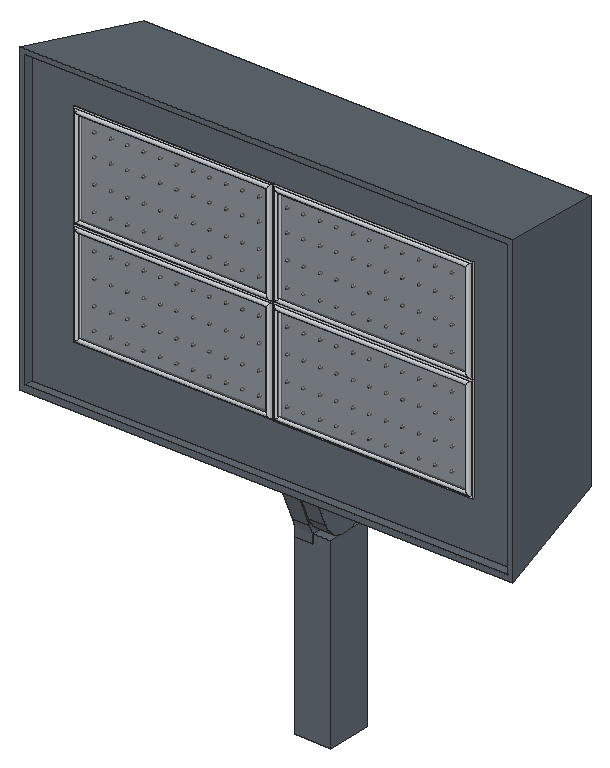
Revit family "RFL4", category Lighting Fixtures, host Face, Revit 2014 (continued)
Definition of nested family "RFL"
  Forms (in)
    Revolve 107, solid, material "Glass - Hubbell - White" <- "LED_Finish"
      sketch origin (-0.38354, 1.25709, 2.65428) x (0, -1, 0) y (1, 0, 0)
        loop
          line (2.73985, -4.15296) -> (2.82075, -4.15296)
          arc (2.82075, -4.15296) -> (2.81024, -4.12758) -> (2.78486, -4.11707) r 0.03589
          line (2.78486, -4.11707) -> (2.73985, -4.11707) -> (2.73985, -4.15296)
        axis (2.73985, -4.15296) -> (2.82075, -4.15296)
      angle from 0 to 360
    Revolve 108, solid, material "Glass - Hubbell - White" <- "LED_Finish"
      sketch origin (-0.38354, 1.25709, 3.34178) x (0, -1, 0) y (1, 0, 0)
        loop
          line (2.73985, -4.15296) -> (2.82075, -4.15296)
          arc (2.82075, -4.15296) -> (2.81024, -4.12758) -> (2.78486, -4.11707) r 0.03589
          line (2.78486, -4.11707) -> (2.73985, -4.11707) -> (2.73985, -4.15296)
        axis (2.73985, -4.15296) -> (2.82075, -4.15296)
      angle from 0 to 360
    Revolve 109, solid, material "Glass - Hubbell - White" <- "LED_Finish"
      sketch origin (-0.38354, 1.25709, 4.02928) x (0, -1, 0) y (1, 0, 0)
        loop
          line (2.73985, -4.15296) -> (2.82075, -4.15296)
          arc (2.82075, -4.15296) -> (2.81024, -4.12758) -> (2.78486, -4.11707) r 0.03589
          line (2.78486, -4.11707) -> (2.73985, -4.11707) -> (2.73985, -4.15296)
        axis (2.73985, -4.15296) -> (2.82075, -4.15296)
      angle from 0 to 360
    Revolve 110, solid, material "Glass - Hubbell - White" <- "LED_Finish"
      sketch origin (0.07668, 1.25709, 2.02928) x (0, -1, 0) y (1, 0, 0)
        loop
          line (2.73985, -4.15296) -> (2.82075, -4.15296)
          arc (2.82075, -4.15296) -> (2.81024, -4.12758) -> (2.78486, -4.11707) r 0.03589
          line (2.78486, -4.11707) -> (2.73985, -4.11707) -> (2.73985, -4.15296)
        axis (2.73985, -4.15296) -> (2.82075, -4.15296)
      angle from 0 to 360
    Revolve 111, solid, material "Glass - Hubbell - White" <- "LED_Finish"
      sketch origin (0.07668, 1.25709, 2.65428) x (0, -1, 0) y (1, 0, 0)
        loop
          line (2.73985, -4.15296) -> (2.82075, -4.15296)
          arc (2.82075, -4.15296) -> (2.81024, -4.12758) -> (2.78486, -4.11707) r 0.03589
          line (2.78486, -4.11707) -> (2.73985, -4.11707) -> (2.73985, -4.15296)
        axis (2.73985, -4.15296) -> (2.82075, -4.15296)
      angle from 0 to 360
    Revolve 112, solid, material "Glass - Hubbell - White" <- "LED_Finish"
      sketch origin (0.07668, 1.25709, 3.34178) x (0, -1, 0) y (1, 0, 0)
        loop
          line (2.73985, -4.15296) -> (2.82075, -4.15296)
          arc (2.82075, -4.15296) -> (2.81024, -4.12758) -> (2.78486, -4.11707) r 0.03589
          line (2.78486, -4.11707) -> (2.73985, -4.11707) -> (2.73985, -4.15296)
        axis (2.73985, -4.15296) -> (2.82075, -4.15296)
      angle from 0 to 360
    Revolve 113, solid, material "Glass - Hubbell - White" <- "LED_Finish"
      sketch origin (0.07668, 1.25709, 4.02928) x (0, -1, 0) y (1, 0, 0)
        loop
          line (2.73985, -4.15296) -> (2.82075, -4.15296)
          arc (2.82075, -4.15296) -> (2.81024, -4.12758) -> (2.78486, -4.11707) r 0.03589
          line (2.78486, -4.11707) -> (2.73985, -4.11707) -> (2.73985, -4.15296)
        axis (2.73985, -4.15296) -> (2.82075, -4.15296)
      angle from 0 to 360
    Revolve 114, solid, material "Glass - Hubbell - White" <- "LED_Finish"
      sketch origin (0.53689, 1.25709, 2.02928) x (0, -1, 0) y (1, 0, 0)
        loop
          line (2.73985, -4.15296) -> (2.82075, -4.15296)
          arc (2.82075, -4.15296) -> (2.81024, -4.12758) -> (2.78486, -4.11707) r 0.03589
          line (2.78486, -4.11707) -> (2.73985, -4.11707) -> (2.73985, -4.15296)
        axis (2.73985, -4.15296) -> (2.82075, -4.15296)
      angle from 0 to 360
    Revolve 115, solid, material "Glass - Hubbell - White" <- "LED_Finish"
      sketch origin (0.53689, 1.25709, 2.65428) x (0, -1, 0) y (1, 0, 0)
        loop
          line (2.73985, -4.15296) -> (2.82075, -4.15296)
          arc (2.82075, -4.15296) -> (2.81024, -4.12758) -> (2.78486, -4.11707) r 0.03589
          line (2.78486, -4.11707) -> (2.73985, -4.11707) -> (2.73985, -4.15296)
        axis (2.73985, -4.15296) -> (2.82075, -4.15296)
      angle from 0 to 360
    Revolve 116, solid, material "Glass - Hubbell - White" <- "LED_Finish"
      sketch origin (0.53689, 1.25709, 3.34178) x (0, -1, 0) y (1, 0, 0)
        loop
          line (2.73985, -4.15296) -> (2.82075, -4.15296)
          arc (2.82075, -4.15296) -> (2.81024, -4.12758) -> (2.78486, -4.11707) r 0.03589
          line (2.78486, -4.11707) -> (2.73985, -4.11707) -> (2.73985, -4.15296)
        axis (2.73985, -4.15296) -> (2.82075, -4.15296)
      angle from 0 to 360
    Revolve 117, solid, material "Glass - Hubbell - White" <- "LED_Finish"
      sketch origin (0.53689, 1.25709, 4.02928) x (0, -1, 0) y (1, 0, 0)
        loop
          line (2.73985, -4.15296) -> (2.82075, -4.15296)
          arc (2.82075, -4.15296) -> (2.81024, -4.12758) -> (2.78486, -4.11707) r 0.03589
          line (2.78486, -4.11707) -> (2.73985, -4.11707) -> (2.73985, -4.15296)
        axis (2.73985, -4.15296) -> (2.82075, -4.15296)
      angle from 0 to 360
    Revolve 118, solid, material "Glass - Hubbell - White" <- "LED_Finish"
      sketch origin (0.99711, 1.25709, 2.02928) x (0, -1, 0) y (1, 0, 0)
        loop
          line (2.73985, -4.15296) -> (2.82075, -4.15296)
          arc (2.82075, -4.15296) -> (2.81024, -4.12758) -> (2.78486, -4.11707) r 0.03589
          line (2.78486, -4.11707) -> (2.73985, -4.11707) -> (2.73985, -4.15296)
        axis (2.73985, -4.15296) -> (2.82075, -4.15296)
      angle from 0 to 360
    Revolve 119, solid, material "Glass - Hubbell - White" <- "LED_Finish"
      sketch origin (0.99711, 1.25709, 2.65428) x (0, -1, 0) y (1, 0, 0)
        loop
          line (2.73985, -4.15296) -> (2.82075, -4.15296)
          arc (2.82075, -4.15296) -> (2.81024, -4.12758) -> (2.78486, -4.11707) r 0.03589
          line (2.78486, -4.11707) -> (2.73985, -4.11707) -> (2.73985, -4.15296)
        axis (2.73985, -4.15296) -> (2.82075, -4.15296)
      angle from 0 to 360
    Revolve 120, solid, material "Glass - Hubbell - White" <- "LED_Finish"
      sketch origin (0.99711, 1.25709, 3.34178) x (0, -1, 0) y (1, 0, 0)
        loop
          line (2.73985, -4.15296) -> (2.82075, -4.15296)
          arc (2.82075, -4.15296) -> (2.81024, -4.12758) -> (2.78486, -4.11707) r 0.03589
          line (2.78486, -4.11707) -> (2.73985, -4.11707) -> (2.73985, -4.15296)
        axis (2.73985, -4.15296) -> (2.82075, -4.15296)
      angle from 0 to 360
    Revolve 121, solid, material "Glass - Hubbell - White" <- "LED_Finish"
      sketch origin (0.99711, 1.25709, 4.02928) x (0, -1, 0) y (1, 0, 0)
        loop
          line (2.73985, -4.15296) -> (2.82075, -4.15296)
          arc (2.82075, -4.15296) -> (2.81024, -4.12758) -> (2.78486, -4.11707) r 0.03589
          line (2.78486, -4.11707) -> (2.73985, -4.11707) -> (2.73985, -4.15296)
        axis (2.73985, -4.15296) -> (2.82075, -4.15296)
      angle from 0 to 360
    Revolve 122, solid, material "Glass - Hubbell - White" <- "LED_Finish"
      sketch origin (1.45732, 1.25709, 2.02928) x (0, -1, 0) y (1, 0, 0)
        loop
          line (2.73985, -4.15296) -> (2.82075, -4.15296)
          arc (2.82075, -4.15296) -> (2.81024, -4.12758) -> (2.78486, -4.11707) r 0.03589
          line (2.78486, -4.11707) -> (2.73985, -4.11707) -> (2.73985, -4.15296)
        axis (2.73985, -4.15296) -> (2.82075, -4.15296)
      angle from 0 to 360
    Revolve 123, solid, material "Glass - Hubbell - White" <- "LED_Finish"
      sketch origin (1.45732, 1.25709, 2.65428) x (0, -1, 0) y (1, 0, 0)
        loop
          line (2.73985, -4.15296) -> (2.82075, -4.15296)
          arc (2.82075, -4.15296) -> (2.81024, -4.12758) -> (2.78486, -4.11707) r 0.03589
          line (2.78486, -4.11707) -> (2.73985, -4.11707) -> (2.73985, -4.15296)
        axis (2.73985, -4.15296) -> (2.82075, -4.15296)
      angle from 0 to 360
    Revolve 124, solid, material "Glass - Hubbell - White" <- "LED_Finish"
      sketch origin (1.45732, 1.25709, 3.34178) x (0, -1, 0) y (1, 0, 0)
        loop
          line (2.73985, -4.15296) -> (2.82075, -4.15296)
          arc (2.82075, -4.15296) -> (2.81024, -4.12758) -> (2.78486, -4.11707) r 0.03589
          line (2.78486, -4.11707) -> (2.73985, -4.11707) -> (2.73985, -4.15296)
        axis (2.73985, -4.15296) -> (2.82075, -4.15296)
      angle from 0 to 360
    Revolve 125, solid, material "Glass - Hubbell - White" <- "LED_Finish"
      sketch origin (1.45732, 1.25709, 4.02928) x (0, -1, 0) y (1, 0, 0)
        loop
          line (2.73985, -4.15296) -> (2.82075, -4.15296)
          arc (2.82075, -4.15296) -> (2.81024, -4.12758) -> (2.78486, -4.11707) r 0.03589
          line (2.78486, -4.11707) -> (2.73985, -4.11707) -> (2.73985, -4.15296)
        axis (2.73985, -4.15296) -> (2.82075, -4.15296)
      angle from 0 to 360
    Revolve 126, solid, material "Glass - Hubbell - White" <- "LED_Finish"
      sketch origin (1.91754, 1.25709, 2.02928) x (0, -1, 0) y (1, 0, 0)
        loop
          line (2.73985, -4.15296) -> (2.82075, -4.15296)
          arc (2.82075, -4.15296) -> (2.81024, -4.12758) -> (2.78486, -4.11707) r 0.03589
          line (2.78486, -4.11707) -> (2.73985, -4.11707) -> (2.73985, -4.15296)
        axis (2.73985, -4.15296) -> (2.82075, -4.15296)
      angle from 0 to 360
    Revolve 127, solid, material "Glass - Hubbell - White" <- "LED_Finish"
      sketch origin (1.91754, 1.25709, 2.65428) x (0, -1, 0) y (1, 0, 0)
        loop
          line (2.73985, -4.15296) -> (2.82075, -4.15296)
          arc (2.82075, -4.15296) -> (2.81024, -4.12758) -> (2.78486, -4.11707) r 0.03589
          line (2.78486, -4.11707) -> (2.73985, -4.11707) -> (2.73985, -4.15296)
        axis (2.73985, -4.15296) -> (2.82075, -4.15296)
      angle from 0 to 360
    Revolve 128, solid, material "Glass - Hubbell - White" <- "LED_Finish"
      sketch origin (1.91754, 1.25709, 3.34178) x (0, -1, 0) y (1, 0, 0)
        loop
          line (2.73985, -4.15296) -> (2.82075, -4.15296)
          arc (2.82075, -4.15296) -> (2.81024, -4.12758) -> (2.78486, -4.11707) r 0.03589
          line (2.78486, -4.11707) -> (2.73985, -4.11707) -> (2.73985, -4.15296)
        axis (2.73985, -4.15296) -> (2.82075, -4.15296)
      angle from 0 to 360
    Revolve 129, solid, material "Glass - Hubbell - White" <- "LED_Finish"
      sketch origin (1.91754, 1.25709, 4.02928) x (0, -1, 0) y (1, 0, 0)
        loop
          line (2.73985, -4.15296) -> (2.82075, -4.15296)
          arc (2.82075, -4.15296) -> (2.81024, -4.12758) -> (2.78486, -4.11707) r 0.03589
          line (2.78486, -4.11707) -> (2.73985, -4.11707) -> (2.73985, -4.15296)
        axis (2.73985, -4.15296) -> (2.82075, -4.15296)
      angle from 0 to 360
    Revolve 130, solid, material "Glass - Hubbell - White" <- "LED_Finish"
      sketch origin (2.37775, 1.25709, 2.02928) x (0, -1, 0) y (1, 0, 0)
        loop
          line (2.73985, -4.15296) -> (2.82075, -4.15296)
          arc (2.82075, -4.15296) -> (2.81024, -4.12758) -> (2.78486, -4.11707) r 0.03589
          line (2.78486, -4.11707) -> (2.73985, -4.11707) -> (2.73985, -4.15296)
        axis (2.73985, -4.15296) -> (2.82075, -4.15296)
      angle from 0 to 360
    Revolve 131, solid, material "Glass - Hubbell - White" <- "LED_Finish"
      sketch origin (2.37775, 1.25709, 2.65428) x (0, -1, 0) y (1, 0, 0)
        loop
          line (2.73985, -4.15296) -> (2.82075, -4.15296)
          arc (2.82075, -4.15296) -> (2.81024, -4.12758) -> (2.78486, -4.11707) r 0.03589
          line (2.78486, -4.11707) -> (2.73985, -4.11707) -> (2.73985, -4.15296)
        axis (2.73985, -4.15296) -> (2.82075, -4.15296)
      angle from 0 to 360
    Revolve 132, solid, material "Glass - Hubbell - White" <- "LED_Finish"
      sketch origin (2.37775, 1.25709, 3.34178) x (0, -1, 0) y (1, 0, 0)
        loop
          line (2.73985, -4.15296) -> (2.82075, -4.15296)
          arc (2.82075, -4.15296) -> (2.81024, -4.12758) -> (2.78486, -4.11707) r 0.03589
          line (2.78486, -4.11707) -> (2.73985, -4.11707) -> (2.73985, -4.15296)
        axis (2.73985, -4.15296) -> (2.82075, -4.15296)
      angle from 0 to 360
    Revolve 133, solid, material "Glass - Hubbell - White" <- "LED_Finish"
      sketch origin (2.37775, 1.25709, 4.02928) x (0, -1, 0) y (1, 0, 0)
        loop
          line (2.73985, -4.15296) -> (2.82075, -4.15296)
          arc (2.82075, -4.15296) -> (2.81024, -4.12758) -> (2.78486, -4.11707) r 0.03589
          line (2.78486, -4.11707) -> (2.73985, -4.11707) -> (2.73985, -4.15296)
        axis (2.73985, -4.15296) -> (2.82075, -4.15296)
      angle from 0 to 360
    Revolve 134, solid, material "Glass - Hubbell - White" <- "LED_Finish"
      sketch origin (2.83797, 1.25709, 2.02928) x (0, -1, 0) y (1, 0, 0)
        loop
          line (2.73985, -4.15296) -> (2.82075, -4.15296)
          arc (2.82075, -4.15296) -> (2.81024, -4.12758) -> (2.78486, -4.11707) r 0.03589
          line (2.78486, -4.11707) -> (2.73985, -4.11707) -> (2.73985, -4.15296)
        axis (2.73985, -4.15296) -> (2.82075, -4.15296)
      angle from 0 to 360
    Revolve 135, solid, material "Glass - Hubbell - White" <- "LED_Finish"
      sketch origin (2.83797, 1.25709, 2.65428) x (0, -1, 0) y (1, 0, 0)
        loop
          line (2.73985, -4.15296) -> (2.82075, -4.15296)
          arc (2.82075, -4.15296) -> (2.81024, -4.12758) -> (2.78486, -4.11707) r 0.03589
          line (2.78486, -4.11707) -> (2.73985, -4.11707) -> (2.73985, -4.15296)
        axis (2.73985, -4.15296) -> (2.82075, -4.15296)
      angle from 0 to 360
    Revolve 136, solid, material "Glass - Hubbell - White" <- "LED_Finish"
      sketch origin (2.83797, 1.25709, 3.34178) x (0, -1, 0) y (1, 0, 0)
        loop
          line (2.73985, -4.15296) -> (2.82075, -4.15296)
          arc (2.82075, -4.15296) -> (2.81024, -4.12758) -> (2.78486, -4.11707) r 0.03589
          line (2.78486, -4.11707) -> (2.73985, -4.11707) -> (2.73985, -4.15296)
        axis (2.73985, -4.15296) -> (2.82075, -4.15296)
      angle from 0 to 360
    Revolve 137, solid, material "Glass - Hubbell - White" <- "LED_Finish"
      sketch origin (2.83797, 1.25709, 4.02928) x (0, -1, 0) y (1, 0, 0)
        loop
          line (2.73985, -4.15296) -> (2.82075, -4.15296)
          arc (2.82075, -4.15296) -> (2.81024, -4.12758) -> (2.78486, -4.11707) r 0.03589
          line (2.78486, -4.11707) -> (2.73985, -4.11707) -> (2.73985, -4.15296)
        axis (2.73985, -4.15296) -> (2.82075, -4.15296)
      angle from 0 to 360
    Revolve 138, solid, material "Glass - Hubbell - White" <- "LED_Finish"
      sketch origin (3.29818, 1.25709, 2.02928) x (0, -1, 0) y (1, 0, 0)
        loop
          line (2.73985, -4.15296) -> (2.82075, -4.15296)
          arc (2.82075, -4.15296) -> (2.81024, -4.12758) -> (2.78486, -4.11707) r 0.03589
          line (2.78486, -4.11707) -> (2.73985, -4.11707) -> (2.73985, -4.15296)
        axis (2.73985, -4.15296) -> (2.82075, -4.15296)
      angle from 0 to 360
    Revolve 139, solid, material "Glass - Hubbell - White" <- "LED_Finish"
      sketch origin (3.29818, 1.25709, 2.65428) x (0, -1, 0) y (1, 0, 0)
        loop
          line (2.73985, -4.15296) -> (2.82075, -4.15296)
          arc (2.82075, -4.15296) -> (2.81024, -4.12758) -> (2.78486, -4.11707) r 0.03589
          line (2.78486, -4.11707) -> (2.73985, -4.11707) -> (2.73985, -4.15296)
        axis (2.73985, -4.15296) -> (2.82075, -4.15296)
      angle from 0 to 360
    Revolve 140, solid, material "Glass - Hubbell - White" <- "LED_Finish"
      sketch origin (3.29818, 1.25709, 3.34178) x (0, -1, 0) y (1, 0, 0)
        loop
          line (2.73985, -4.15296) -> (2.82075, -4.15296)
          arc (2.82075, -4.15296) -> (2.81024, -4.12758) -> (2.78486, -4.11707) r 0.03589
          line (2.78486, -4.11707) -> (2.73985, -4.11707) -> (2.73985, -4.15296)
        axis (2.73985, -4.15296) -> (2.82075, -4.15296)
      angle from 0 to 360
    Revolve 141, solid, material "Glass - Hubbell - White" <- "LED_Finish"
      sketch origin (3.29818, 1.25709, 4.02928) x (0, -1, 0) y (1, 0, 0)
        loop
          line (2.73985, -4.15296) -> (2.82075, -4.15296)
          arc (2.82075, -4.15296) -> (2.81024, -4.12758) -> (2.78486, -4.11707) r 0.03589
          line (2.78486, -4.11707) -> (2.73985, -4.11707) -> (2.73985, -4.15296)
        axis (2.73985, -4.15296) -> (2.82075, -4.15296)
      angle from 0 to 360
    Extrusion 142, solid, material "Glass - Hubbell - White" <- "LED Base Plate"
      sketch origin (0, 0, 9.04202) x (-1, 0, 0) y (0, 0, -1)
        loop
          line (-5.41133, 4.68111) -> (-0.16904, 4.68111) -> (-0.16904, 7.32037) -> (-5.41133, 7.32037) -> (-5.41133, 4.68111)
      from 1.56737 to 1.49135
    Sweep 143, solid
      path origin (0, -1.48379, 9.04202) x (-1, 0, 0) y (0, 0, -1)
        loop
          line (-5.57144, 7.48047) -> (-5.57144, 4.52101) -> (-0.00894, 4.52101) -> (-0.00894, 7.48047) -> (-5.57144, 7.48047)
      profile origin (2.79019, -1.48379, 1.56154) x (0, 0, -1) y (0, -1, 0)
        loop
          line (0, 0) -> (0, 0.03881) -> (-0.04662, 0.03881)
          arc (-0.04662, 0.03881) -> (-0.09916, 0.10354) -> (-0.1601, 0.04666) r 0.05701
          line (-0.1601, 0.04666) -> (-0.1601, 0) -> (0, 0)
    Revolve 144, solid, material "Glass - Hubbell - White" <- "LED_Finish"
      sketch origin (0.84375, 1.25709, 2.02928) x (0, 1, 0) y (-1, 0, 0)
        loop
          line (-2.73985, -4.15296) -> (-2.73985, -4.11707) -> (-2.78486, -4.11707)
          arc (-2.78486, -4.11707) -> (-2.81024, -4.12758) -> (-2.82075, -4.15296) r 0.03589
          line (-2.82075, -4.15296) -> (-2.73985, -4.15296)
        axis (-2.73985, -4.15296) -> (-2.82075, -4.15296)
      angle from 0 to 360
    Revolve 145, solid, material "Glass - Hubbell - White" <- "LED_Finish"
      sketch origin (0.84375, 1.25709, 2.65428) x (0, 1, 0) y (-1, 0, 0)
        loop
          line (-2.73985, -4.15296) -> (-2.73985, -4.11707) -> (-2.78486, -4.11707)
          arc (-2.78486, -4.11707) -> (-2.81024, -4.12758) -> (-2.82075, -4.15296) r 0.03589
          line (-2.82075, -4.15296) -> (-2.73985, -4.15296)
        axis (-2.73985, -4.15296) -> (-2.82075, -4.15296)
      angle from 0 to 360
    Revolve 146, solid, material "Glass - Hubbell - White" <- "LED_Finish"
      sketch origin (0.84375, 1.25709, 3.34178) x (0, 1, 0) y (-1, 0, 0)
        loop
          line (-2.73985, -4.15296) -> (-2.73985, -4.11707) -> (-2.78486, -4.11707)
          arc (-2.78486, -4.11707) -> (-2.81024, -4.12758) -> (-2.82075, -4.15296) r 0.03589
          line (-2.82075, -4.15296) -> (-2.73985, -4.15296)
        axis (-2.73985, -4.15296) -> (-2.82075, -4.15296)
      angle from 0 to 360
    Revolve 147, solid, material "Glass - Hubbell - White" <- "LED_Finish"
      sketch origin (0.84375, 1.25709, 4.02928) x (0, 1, 0) y (-1, 0, 0)
        loop
          line (-2.73985, -4.15296) -> (-2.73985, -4.11707) -> (-2.78486, -4.11707)
          arc (-2.78486, -4.11707) -> (-2.81024, -4.12758) -> (-2.82075, -4.15296) r 0.03589
          line (-2.82075, -4.15296) -> (-2.73985, -4.15296)
        axis (-2.73985, -4.15296) -> (-2.82075, -4.15296)
      angle from 0 to 360
    Revolve 148, solid, material "Glass - Hubbell - White" <- "LED_Finish"
      sketch origin (-3.7584, 1.25709, 2.02928) x (0, 1, 0) y (-1, 0, 0)
        loop
          line (-2.73985, -4.15296) -> (-2.73985, -4.11707) -> (-2.78486, -4.11707)
          arc (-2.78486, -4.11707) -> (-2.81024, -4.12758) -> (-2.82075, -4.15296) r 0.03589
          line (-2.82075, -4.15296) -> (-2.73985, -4.15296)
        axis (-2.73985, -4.15296) -> (-2.82075, -4.15296)
      angle from 0 to 360
    Revolve 149, solid, material "Glass - Hubbell - White" <- "LED_Finish"
      sketch origin (-3.7584, 1.25709, 2.65428) x (0, 1, 0) y (-1, 0, 0)
        loop
          line (-2.73985, -4.15296) -> (-2.73985, -4.11707) -> (-2.78486, -4.11707)
          arc (-2.78486, -4.11707) -> (-2.81024, -4.12758) -> (-2.82075, -4.15296) r 0.03589
          line (-2.82075, -4.15296) -> (-2.73985, -4.15296)
        axis (-2.73985, -4.15296) -> (-2.82075, -4.15296)
      angle from 0 to 360
    Revolve 150, solid, material "Glass - Hubbell - White" <- "LED_Finish"
      sketch origin (-3.7584, 1.25709, 3.34178) x (0, 1, 0) y (-1, 0, 0)
        loop
          line (-2.73985, -4.15296) -> (-2.73985, -4.11707) -> (-2.78486, -4.11707)
          arc (-2.78486, -4.11707) -> (-2.81024, -4.12758) -> (-2.82075, -4.15296) r 0.03589
          line (-2.82075, -4.15296) -> (-2.73985, -4.15296)
        axis (-2.73985, -4.15296) -> (-2.82075, -4.15296)
      angle from 0 to 360
    Revolve 151, solid, material "Glass - Hubbell - White" <- "LED_Finish"
      sketch origin (-3.7584, 1.25709, 4.02928) x (0, 1, 0) y (-1, 0, 0)
        loop
          line (-2.73985, -4.15296) -> (-2.73985, -4.11707) -> (-2.78486, -4.11707)
          arc (-2.78486, -4.11707) -> (-2.81024, -4.12758) -> (-2.82075, -4.15296) r 0.03589
          line (-2.82075, -4.15296) -> (-2.73985, -4.15296)
        axis (-2.73985, -4.15296) -> (-2.82075, -4.15296)
      angle from 0 to 360
    Revolve 152, solid, material "Glass - Hubbell - White" <- "LED_Finish"
      sketch origin (0.38354, 1.25709, 2.02928) x (0, 1, 0) y (-1, 0, 0)
        loop
          line (-2.73985, -4.15296) -> (-2.73985, -4.11707) -> (-2.78486, -4.11707)
          arc (-2.78486, -4.11707) -> (-2.81024, -4.12758) -> (-2.82075, -4.15296) r 0.03589
          line (-2.82075, -4.15296) -> (-2.73985, -4.15296)
        axis (-2.73985, -4.15296) -> (-2.82075, -4.15296)
      angle from 0 to 360
    Revolve 153, solid, material "Glass - Hubbell - White" <- "LED_Finish"
      sketch origin (0.38354, 1.25709, 2.65428) x (0, 1, 0) y (-1, 0, 0)
        loop
          line (-2.73985, -4.15296) -> (-2.73985, -4.11707) -> (-2.78486, -4.11707)
          arc (-2.78486, -4.11707) -> (-2.81024, -4.12758) -> (-2.82075, -4.15296) r 0.03589
          line (-2.82075, -4.15296) -> (-2.73985, -4.15296)
        axis (-2.73985, -4.15296) -> (-2.82075, -4.15296)
      angle from 0 to 360
    Revolve 154, solid, material "Glass - Hubbell - White" <- "LED_Finish"
      sketch origin (0.38354, 1.25709, 3.34178) x (0, 1, 0) y (-1, 0, 0)
        loop
          line (-2.73985, -4.15296) -> (-2.73985, -4.11707) -> (-2.78486, -4.11707)
          arc (-2.78486, -4.11707) -> (-2.81024, -4.12758) -> (-2.82075, -4.15296) r 0.03589
          line (-2.82075, -4.15296) -> (-2.73985, -4.15296)
        axis (-2.73985, -4.15296) -> (-2.82075, -4.15296)
      angle from 0 to 360
    Revolve 155, solid, material "Glass - Hubbell - White" <- "LED_Finish"
      sketch origin (0.38354, 1.25709, 4.02928) x (0, 1, 0) y (-1, 0, 0)
        loop
          line (-2.73985, -4.15296) -> (-2.73985, -4.11707) -> (-2.78486, -4.11707)
          arc (-2.78486, -4.11707) -> (-2.81024, -4.12758) -> (-2.82075, -4.15296) r 0.03589
          line (-2.82075, -4.15296) -> (-2.73985, -4.15296)
        axis (-2.73985, -4.15296) -> (-2.82075, -4.15296)
      angle from 0 to 360
    Revolve 156, solid, material "Glass - Hubbell - White" <- "LED_Finish"
      sketch origin (-0.07668, 1.25709, 2.02928) x (0, 1, 0) y (-1, 0, 0)
        loop
          line (-2.73985, -4.15296) -> (-2.73985, -4.11707) -> (-2.78486, -4.11707)
          arc (-2.78486, -4.11707) -> (-2.81024, -4.12758) -> (-2.82075, -4.15296) r 0.03589
          line (-2.82075, -4.15296) -> (-2.73985, -4.15296)
        axis (-2.73985, -4.15296) -> (-2.82075, -4.15296)
      angle from 0 to 360
    Revolve 157, solid, material "Glass - Hubbell - White" <- "LED_Finish"
      sketch origin (-0.07668, 1.25709, 2.65428) x (0, 1, 0) y (-1, 0, 0)
        loop
          line (-2.73985, -4.15296) -> (-2.73985, -4.11707) -> (-2.78486, -4.11707)
          arc (-2.78486, -4.11707) -> (-2.81024, -4.12758) -> (-2.82075, -4.15296) r 0.03589
          line (-2.82075, -4.15296) -> (-2.73985, -4.15296)
        axis (-2.73985, -4.15296) -> (-2.82075, -4.15296)
      angle from 0 to 360
    Revolve 158, solid, material "Glass - Hubbell - White" <- "LED_Finish"
      sketch origin (-0.07668, 1.25709, 3.34178) x (0, 1, 0) y (-1, 0, 0)
        loop
          line (-2.73985, -4.15296) -> (-2.73985, -4.11707) -> (-2.78486, -4.11707)
          arc (-2.78486, -4.11707) -> (-2.81024, -4.12758) -> (-2.82075, -4.15296) r 0.03589
          line (-2.82075, -4.15296) -> (-2.73985, -4.15296)
        axis (-2.73985, -4.15296) -> (-2.82075, -4.15296)
      angle from 0 to 360
    Revolve 159, solid, material "Glass - Hubbell - White" <- "LED_Finish"
      sketch origin (-0.07668, 1.25709, 4.02928) x (0, 1, 0) y (-1, 0, 0)
        loop
          line (-2.73985, -4.15296) -> (-2.73985, -4.11707) -> (-2.78486, -4.11707)
          arc (-2.78486, -4.11707) -> (-2.81024, -4.12758) -> (-2.82075, -4.15296) r 0.03589
          line (-2.82075, -4.15296) -> (-2.73985, -4.15296)
        axis (-2.73985, -4.15296) -> (-2.82075, -4.15296)
      angle from 0 to 360
    Revolve 160, solid, material "Glass - Hubbell - White" <- "LED_Finish"
      sketch origin (-0.53689, 1.25709, 2.02928) x (0, 1, 0) y (-1, 0, 0)
        loop
          line (-2.73985, -4.15296) -> (-2.73985, -4.11707) -> (-2.78486, -4.11707)
          arc (-2.78486, -4.11707) -> (-2.81024, -4.12758) -> (-2.82075, -4.15296) r 0.03589
          line (-2.82075, -4.15296) -> (-2.73985, -4.15296)
        axis (-2.73985, -4.15296) -> (-2.82075, -4.15296)
      angle from 0 to 360
    Revolve 161, solid, material "Glass - Hubbell - White" <- "LED_Finish"
      sketch origin (-0.53689, 1.25709, 2.65428) x (0, 1, 0) y (-1, 0, 0)
        loop
          line (-2.73985, -4.15296) -> (-2.73985, -4.11707) -> (-2.78486, -4.11707)
          arc (-2.78486, -4.11707) -> (-2.81024, -4.12758) -> (-2.82075, -4.15296) r 0.03589
          line (-2.82075, -4.15296) -> (-2.73985, -4.15296)
        axis (-2.73985, -4.15296) -> (-2.82075, -4.15296)
      angle from 0 to 360
    Revolve 162, solid, material "Glass - Hubbell - White" <- "LED_Finish"
      sketch origin (-0.53689, 1.25709, 3.34178) x (0, 1, 0) y (-1, 0, 0)
        loop
          line (-2.73985, -4.15296) -> (-2.73985, -4.11707) -> (-2.78486, -4.11707)
          arc (-2.78486, -4.11707) -> (-2.81024, -4.12758) -> (-2.82075, -4.15296) r 0.03589
          line (-2.82075, -4.15296) -> (-2.73985, -4.15296)
        axis (-2.73985, -4.15296) -> (-2.82075, -4.15296)
      angle from 0 to 360
    Revolve 163, solid, material "Glass - Hubbell - White" <- "LED_Finish"
      sketch origin (-0.53689, 1.25709, 4.02928) x (0, 1, 0) y (-1, 0, 0)
        loop
          line (-2.73985, -4.15296) -> (-2.73985, -4.11707) -> (-2.78486, -4.11707)
          arc (-2.78486, -4.11707) -> (-2.81024, -4.12758) -> (-2.82075, -4.15296) r 0.03589
          line (-2.82075, -4.15296) -> (-2.73985, -4.15296)
        axis (-2.73985, -4.15296) -> (-2.82075, -4.15296)
      angle from 0 to 360
    Revolve 164, solid, material "Glass - Hubbell - White" <- "LED_Finish"
      sketch origin (-0.99711, 1.25709, 2.02928) x (0, 1, 0) y (-1, 0, 0)
        loop
          line (-2.73985, -4.15296) -> (-2.73985, -4.11707) -> (-2.78486, -4.11707)
          arc (-2.78486, -4.11707) -> (-2.81024, -4.12758) -> (-2.82075, -4.15296) r 0.03589
          line (-2.82075, -4.15296) -> (-2.73985, -4.15296)
        axis (-2.73985, -4.15296) -> (-2.82075, -4.15296)
      angle from 0 to 360
    Revolve 165, solid, material "Glass - Hubbell - White" <- "LED_Finish"
      sketch origin (-0.99711, 1.25709, 2.65428) x (0, 1, 0) y (-1, 0, 0)
        loop
          line (-2.73985, -4.15296) -> (-2.73985, -4.11707) -> (-2.78486, -4.11707)
          arc (-2.78486, -4.11707) -> (-2.81024, -4.12758) -> (-2.82075, -4.15296) r 0.03589
          line (-2.82075, -4.15296) -> (-2.73985, -4.15296)
        axis (-2.73985, -4.15296) -> (-2.82075, -4.15296)
      angle from 0 to 360
    Revolve 166, solid, material "Glass - Hubbell - White" <- "LED_Finish"
      sketch origin (-0.99711, 1.25709, 3.34178) x (0, 1, 0) y (-1, 0, 0)
        loop
          line (-2.73985, -4.15296) -> (-2.73985, -4.11707) -> (-2.78486, -4.11707)
          arc (-2.78486, -4.11707) -> (-2.81024, -4.12758) -> (-2.82075, -4.15296) r 0.03589
          line (-2.82075, -4.15296) -> (-2.73985, -4.15296)
        axis (-2.73985, -4.15296) -> (-2.82075, -4.15296)
      angle from 0 to 360
    Revolve 167, solid, material "Glass - Hubbell - White" <- "LED_Finish"
      sketch origin (-0.99711, 1.25709, 4.02928) x (0, 1, 0) y (-1, 0, 0)
        loop
          line (-2.73985, -4.15296) -> (-2.73985, -4.11707) -> (-2.78486, -4.11707)
          arc (-2.78486, -4.11707) -> (-2.81024, -4.12758) -> (-2.82075, -4.15296) r 0.03589
          line (-2.82075, -4.15296) -> (-2.73985, -4.15296)
        axis (-2.73985, -4.15296) -> (-2.82075, -4.15296)
      angle from 0 to 360
    Revolve 168, solid, material "Glass - Hubbell - White" <- "LED_Finish"
      sketch origin (-1.45732, 1.25709, 2.02928) x (0, 1, 0) y (-1, 0, 0)
        loop
          line (-2.73985, -4.15296) -> (-2.73985, -4.11707) -> (-2.78486, -4.11707)
          arc (-2.78486, -4.11707) -> (-2.81024, -4.12758) -> (-2.82075, -4.15296) r 0.03589
          line (-2.82075, -4.15296) -> (-2.73985, -4.15296)
        axis (-2.73985, -4.15296) -> (-2.82075, -4.15296)
      angle from 0 to 360
    Revolve 169, solid, material "Glass - Hubbell - White" <- "LED_Finish"
      sketch origin (-1.45732, 1.25709, 2.65428) x (0, 1, 0) y (-1, 0, 0)
        loop
          line (-2.73985, -4.15296) -> (-2.73985, -4.11707) -> (-2.78486, -4.11707)
          arc (-2.78486, -4.11707) -> (-2.81024, -4.12758) -> (-2.82075, -4.15296) r 0.03589
          line (-2.82075, -4.15296) -> (-2.73985, -4.15296)
        axis (-2.73985, -4.15296) -> (-2.82075, -4.15296)
      angle from 0 to 360
    Revolve 170, solid, material "Glass - Hubbell - White" <- "LED_Finish"
      sketch origin (-1.45732, 1.25709, 3.34178) x (0, 1, 0) y (-1, 0, 0)
        loop
          line (-2.73985, -4.15296) -> (-2.73985, -4.11707) -> (-2.78486, -4.11707)
          arc (-2.78486, -4.11707) -> (-2.81024, -4.12758) -> (-2.82075, -4.15296) r 0.03589
          line (-2.82075, -4.15296) -> (-2.73985, -4.15296)
        axis (-2.73985, -4.15296) -> (-2.82075, -4.15296)
      angle from 0 to 360
    Revolve 171, solid, material "Glass - Hubbell - White" <- "LED_Finish"
      sketch origin (-1.45732, 1.25709, 4.02928) x (0, 1, 0) y (-1, 0, 0)
        loop
          line (-2.73985, -4.15296) -> (-2.73985, -4.11707) -> (-2.78486, -4.11707)
          arc (-2.78486, -4.11707) -> (-2.81024, -4.12758) -> (-2.82075, -4.15296) r 0.03589
          line (-2.82075, -4.15296) -> (-2.73985, -4.15296)
        axis (-2.73985, -4.15296) -> (-2.82075, -4.15296)
      angle from 0 to 360
    Revolve 172, solid, material "Glass - Hubbell - White" <- "LED_Finish"
      sketch origin (-1.91754, 1.25709, 2.02928) x (0, 1, 0) y (-1, 0, 0)
        loop
          line (-2.73985, -4.15296) -> (-2.73985, -4.11707) -> (-2.78486, -4.11707)
          arc (-2.78486, -4.11707) -> (-2.81024, -4.12758) -> (-2.82075, -4.15296) r 0.03589
          line (-2.82075, -4.15296) -> (-2.73985, -4.15296)
        axis (-2.73985, -4.15296) -> (-2.82075, -4.15296)
      angle from 0 to 360
    Revolve 173, solid, material "Glass - Hubbell - White" <- "LED_Finish"
      sketch origin (-1.91754, 1.25709, 2.65428) x (0, 1, 0) y (-1, 0, 0)
        loop
          line (-2.73985, -4.15296) -> (-2.73985, -4.11707) -> (-2.78486, -4.11707)
          arc (-2.78486, -4.11707) -> (-2.81024, -4.12758) -> (-2.82075, -4.15296) r 0.03589
          line (-2.82075, -4.15296) -> (-2.73985, -4.15296)
        axis (-2.73985, -4.15296) -> (-2.82075, -4.15296)
      angle from 0 to 360
    Revolve 174, solid, material "Glass - Hubbell - White" <- "LED_Finish"
      sketch origin (-1.91754, 1.25709, 3.34178) x (0, 1, 0) y (-1, 0, 0)
        loop
          line (-2.73985, -4.15296) -> (-2.73985, -4.11707) -> (-2.78486, -4.11707)
          arc (-2.78486, -4.11707) -> (-2.81024, -4.12758) -> (-2.82075, -4.15296) r 0.03589
          line (-2.82075, -4.15296) -> (-2.73985, -4.15296)
        axis (-2.73985, -4.15296) -> (-2.82075, -4.15296)
      angle from 0 to 360
    Revolve 175, solid, material "Glass - Hubbell - White" <- "LED_Finish"
      sketch origin (-1.91754, 1.25709, 4.02928) x (0, 1, 0) y (-1, 0, 0)
        loop
          line (-2.73985, -4.15296) -> (-2.73985, -4.11707) -> (-2.78486, -4.11707)
          arc (-2.78486, -4.11707) -> (-2.81024, -4.12758) -> (-2.82075, -4.15296) r 0.03589
          line (-2.82075, -4.15296) -> (-2.73985, -4.15296)
        axis (-2.73985, -4.15296) -> (-2.82075, -4.15296)
      angle from 0 to 360
    Revolve 176, solid, material "Glass - Hubbell - White" <- "LED_Finish"
      sketch origin (-2.37775, 1.25709, 2.02928) x (0, 1, 0) y (-1, 0, 0)
        loop
          line (-2.73985, -4.15296) -> (-2.73985, -4.11707) -> (-2.78486, -4.11707)
          arc (-2.78486, -4.11707) -> (-2.81024, -4.12758) -> (-2.82075, -4.15296) r 0.03589
          line (-2.82075, -4.15296) -> (-2.73985, -4.15296)
        axis (-2.73985, -4.15296) -> (-2.82075, -4.15296)
      angle from 0 to 360
    Revolve 177, solid, material "Glass - Hubbell - White" <- "LED_Finish"
      sketch origin (-2.37775, 1.25709, 2.65428) x (0, 1, 0) y (-1, 0, 0)
        loop
          line (-2.73985, -4.15296) -> (-2.73985, -4.11707) -> (-2.78486, -4.11707)
          arc (-2.78486, -4.11707) -> (-2.81024, -4.12758) -> (-2.82075, -4.15296) r 0.03589
          line (-2.82075, -4.15296) -> (-2.73985, -4.15296)
        axis (-2.73985, -4.15296) -> (-2.82075, -4.15296)
      angle from 0 to 360
    Revolve 178, solid, material "Glass - Hubbell - White" <- "LED_Finish"
      sketch origin (-2.37775, 1.25709, 3.34178) x (0, 1, 0) y (-1, 0, 0)
        loop
          line (-2.73985, -4.15296) -> (-2.73985, -4.11707) -> (-2.78486, -4.11707)
          arc (-2.78486, -4.11707) -> (-2.81024, -4.12758) -> (-2.82075, -4.15296) r 0.03589
          line (-2.82075, -4.15296) -> (-2.73985, -4.15296)
        axis (-2.73985, -4.15296) -> (-2.82075, -4.15296)
      angle from 0 to 360
    Revolve 179, solid, material "Glass - Hubbell - White" <- "LED_Finish"
      sketch origin (-2.37775, 1.25709, 4.02928) x (0, 1, 0) y (-1, 0, 0)
        loop
          line (-2.73985, -4.15296) -> (-2.73985, -4.11707) -> (-2.78486, -4.11707)
          arc (-2.78486, -4.11707) -> (-2.81024, -4.12758) -> (-2.82075, -4.15296) r 0.03589
          line (-2.82075, -4.15296) -> (-2.73985, -4.15296)
        axis (-2.73985, -4.15296) -> (-2.82075, -4.15296)
      angle from 0 to 360
    Revolve 180, solid, material "Glass - Hubbell - White" <- "LED_Finish"
      sketch origin (-2.83797, 1.25709, 2.02928) x (0, 1, 0) y (-1, 0, 0)
        loop
          line (-2.73985, -4.15296) -> (-2.73985, -4.11707) -> (-2.78486, -4.11707)
          arc (-2.78486, -4.11707) -> (-2.81024, -4.12758) -> (-2.82075, -4.15296) r 0.03589
          line (-2.82075, -4.15296) -> (-2.73985, -4.15296)
        axis (-2.73985, -4.15296) -> (-2.82075, -4.15296)
      angle from 0 to 360
    Revolve 181, solid, material "Glass - Hubbell - White" <- "LED_Finish"
      sketch origin (-2.83797, 1.25709, 2.65428) x (0, 1, 0) y (-1, 0, 0)
        loop
          line (-2.73985, -4.15296) -> (-2.73985, -4.11707) -> (-2.78486, -4.11707)
          arc (-2.78486, -4.11707) -> (-2.81024, -4.12758) -> (-2.82075, -4.15296) r 0.03589
          line (-2.82075, -4.15296) -> (-2.73985, -4.15296)
        axis (-2.73985, -4.15296) -> (-2.82075, -4.15296)
      angle from 0 to 360
    Revolve 182, solid, material "Glass - Hubbell - White" <- "LED_Finish"
      sketch origin (-2.83797, 1.25709, 3.34178) x (0, 1, 0) y (-1, 0, 0)
        loop
          line (-2.73985, -4.15296) -> (-2.73985, -4.11707) -> (-2.78486, -4.11707)
          arc (-2.78486, -4.11707) -> (-2.81024, -4.12758) -> (-2.82075, -4.15296) r 0.03589
          line (-2.82075, -4.15296) -> (-2.73985, -4.15296)
        axis (-2.73985, -4.15296) -> (-2.82075, -4.15296)
      angle from 0 to 360
    Revolve 183, solid, material "Glass - Hubbell - White" <- "LED_Finish"
      sketch origin (-2.83797, 1.25709, 4.02928) x (0, 1, 0) y (-1, 0, 0)
        loop
          line (-2.73985, -4.15296) -> (-2.73985, -4.11707) -> (-2.78486, -4.11707)
          arc (-2.78486, -4.11707) -> (-2.81024, -4.12758) -> (-2.82075, -4.15296) r 0.03589
          line (-2.82075, -4.15296) -> (-2.73985, -4.15296)
        axis (-2.73985, -4.15296) -> (-2.82075, -4.15296)
      angle from 0 to 360
    Revolve 184, solid, material "Glass - Hubbell - White" <- "LED_Finish"
      sketch origin (-3.29818, 1.25709, 2.02928) x (0, 1, 0) y (-1, 0, 0)
        loop
          line (-2.73985, -4.15296) -> (-2.73985, -4.11707) -> (-2.78486, -4.11707)
          arc (-2.78486, -4.11707) -> (-2.81024, -4.12758) -> (-2.82075, -4.15296) r 0.03589
          line (-2.82075, -4.15296) -> (-2.73985, -4.15296)
        axis (-2.73985, -4.15296) -> (-2.82075, -4.15296)
      angle from 0 to 360
    Revolve 185, solid, material "Glass - Hubbell - White" <- "LED_Finish"
      sketch origin (-3.29818, 1.25709, 2.65428) x (0, 1, 0) y (-1, 0, 0)
        loop
          line (-2.73985, -4.15296) -> (-2.73985, -4.11707) -> (-2.78486, -4.11707)
          arc (-2.78486, -4.11707) -> (-2.81024, -4.12758) -> (-2.82075, -4.15296) r 0.03589
          line (-2.82075, -4.15296) -> (-2.73985, -4.15296)
        axis (-2.73985, -4.15296) -> (-2.82075, -4.15296)
      angle from 0 to 360
    Revolve 186, solid, material "Glass - Hubbell - White" <- "LED_Finish"
      sketch origin (-3.29818, 1.25709, 3.34178) x (0, 1, 0) y (-1, 0, 0)
        loop
          line (-2.73985, -4.15296) -> (-2.73985, -4.11707) -> (-2.78486, -4.11707)
          arc (-2.78486, -4.11707) -> (-2.81024, -4.12758) -> (-2.82075, -4.15296) r 0.03589
          line (-2.82075, -4.15296) -> (-2.73985, -4.15296)
        axis (-2.73985, -4.15296) -> (-2.82075, -4.15296)
      angle from 0 to 360
    Revolve 187, solid, material "Glass - Hubbell - White" <- "LED_Finish"
      sketch origin (-3.29818, 1.25709, 4.02928) x (0, 1, 0) y (-1, 0, 0)
        loop
          line (-2.73985, -4.15296) -> (-2.73985, -4.11707) -> (-2.78486, -4.11707)
          arc (-2.78486, -4.11707) -> (-2.81024, -4.12758) -> (-2.82075, -4.15296) r 0.03589
          line (-2.82075, -4.15296) -> (-2.73985, -4.15296)
        axis (-2.73985, -4.15296) -> (-2.82075, -4.15296)
      angle from 0 to 360
  Cuts and joins
    Extrusion 3 cuts Blend 2
  Dimensions and locks (in)
    "Length": plane 5 to plane 4
    "Width": plane 7 to plane 6
    equal spacing: plane 7, plane 1 "Center (Front/Back)", plane 6
    equal spacing: plane 5, plane 3 "Center (Left/Right)", plane 4
    plane 4 to plane 5 = 13.800"
    plane 8 to level = 8.600"
    aligned and locked: plane 2 to level
  Automatic sketch dimensions
    plane 1 "Center (Front/Back)" to Extrusion 1 sketch curve = 0.7751"
    Extrusion 1 sketch curve to Extrusion 1 sketch curve = 0.27144"
    Extrusion 1 sketch curve to Extrusion 1 sketch curve = 0.72698"
    Extrusion 1 sketch curve to Extrusion 1 sketch curve = 0.73037"
    Extrusion 1 sketch curve to Extrusion 1 sketch curve = 0.14904"
    Extrusion 1 sketch curve to Extrusion 1 sketch curve = 1.73863"
    Extrusion 1 sketch curve to Extrusion 1 sketch curve = 0.09931"
    Blend 2 sketch curve to plane 8 = 0.000"
    Blend 2 sketch curve to level = 0.000"
    Blend 2 sketch curve to plane 4 = 0.000"
    plane 5 to Blend 2 sketch curve = 0.03101"
    plane 5 to Blend 2 sketch curve = 0.650"
    Blend 2 sketch curve to plane 4 = 0.650"
    level to Blend 2 sketch curve = 0.650"
    Blend 2 sketch curve to plane 8 = 0.650"
    plane 5 to Extrusion 3 sketch curve = 0.15675"
    Extrusion 3 sketch curve to plane 4 = 0.12591"
    level to Extrusion 3 sketch curve = 0.16516"
    Extrusion 3 sketch curve to plane 8 = 0.14393"
    plane 5 to Extrusion 4 sketch curve = 1.48867"
    Extrusion 4 sketch curve to plane 3 "Center (Left/Right)" = 0.16904"
    Extrusion 4 sketch curve to plane 8 = 3.91889"
    Extrusion 4 sketch curve to plane 8 = 1.27963"
    plane 5 to Sweep 5 sketch curve = 1.32856"
    Sweep 5 sketch curve to plane 3 "Center (Left/Right)" = 0.00894"
    Sweep 5 sketch curve to plane 8 = 4.07899"
    Sweep 5 sketch curve to plane 8 = 1.11953"
    Sweep 5 sketch curve to profile plane = 0.000"
    profile plane to Sweep 5 sketch curve = 0.000"
    profile plane to Sweep 5 sketch curve = 0.04662"
    Sweep 5 sketch curve to Sweep 5 sketch curve = 0.05647"
    Sweep 5 sketch curve to Sweep 5 sketch curve = 0.05701"
    profile plane to Sweep 5 sketch curve = 0.03881"
    plane 5 to Revolve 6 sketch curve = 1.90329"
    Revolve 6 sketch curve to Revolve 6 sketch curve = 0.03589"
    plane 1 "Center (Front/Back)" to Revolve 6 sketch curve = 1.56366"
    Revolve 6 sketch curve to Revolve 6 sketch curve = 0.04501"
    Revolve 6 sketch curve to Revolve 6 sketch curve = 0.000"
    Revolve 6 sketch curve to Revolve 6 sketch curve = 0.35913"
    Revolve 6 sketch curve to Revolve 6 sketch curve = 0.26429"
    plane 5 to Revolve 7 sketch curve = 1.90329"
    Revolve 7 sketch curve to Revolve 7 sketch curve = 0.03589"
    plane 1 "Center (Front/Back)" to Revolve 7 sketch curve = 1.56366"
    Revolve 7 sketch curve to Revolve 7 sketch curve = 0.04501"
    Revolve 7 sketch curve to Revolve 7 sketch curve = 0.000"
    Revolve 7 sketch curve to Revolve 7 sketch curve = 0.35913"
    Revolve 7 sketch curve to Revolve 7 sketch curve = 0.26429"
    plane 5 to Revolve 8 sketch curve = 1.90329"
    Revolve 8 sketch curve to Revolve 8 sketch curve = 0.03589"
    plane 1 "Center (Front/Back)" to Revolve 8 sketch curve = 1.56366"
    Revolve 8 sketch curve to Revolve 8 sketch curve = 0.04501"
    Revolve 8 sketch curve to Revolve 8 sketch curve = 0.000"
    Revolve 8 sketch curve to Revolve 8 sketch curve = 0.35913"
    Revolve 8 sketch curve to Revolve 8 sketch curve = 0.26429"
    plane 5 to Revolve 9 sketch curve = 1.90329"
    Revolve 9 sketch curve to Revolve 9 sketch curve = 0.03589"
    plane 1 "Center (Front/Back)" to Revolve 9 sketch curve = 1.56366"
    Revolve 9 sketch curve to Revolve 9 sketch curve = 0.04501"
    Revolve 9 sketch curve to Revolve 9 sketch curve = 0.000"
    Revolve 9 sketch curve to Revolve 9 sketch curve = 0.35913"
    Revolve 9 sketch curve to Revolve 9 sketch curve = 0.26429"
    Revolve 10 sketch curve to plane 3 "Center (Left/Right)" = 0.39456"
    Revolve 10 sketch curve to Revolve 10 sketch curve = 0.03589"
    plane 1 "Center (Front/Back)" to Revolve 10 sketch curve = 1.56366"
    Revolve 10 sketch curve to Revolve 10 sketch curve = 0.04501"
    Revolve 10 sketch curve to Revolve 10 sketch curve = 0.000"
    Revolve 10 sketch curve to Revolve 10 sketch curve = 0.35913"
    Revolve 10 sketch curve to Revolve 10 sketch curve = 0.26429"
    Revolve 11 sketch curve to plane 3 "Center (Left/Right)" = 0.39456"
    Revolve 11 sketch curve to Revolve 11 sketch curve = 0.03589"
    plane 1 "Center (Front/Back)" to Revolve 11 sketch curve = 1.56366"
    Revolve 11 sketch curve to Revolve 11 sketch curve = 0.04501"
    Revolve 11 sketch curve to Revolve 11 sketch curve = 0.000"
    Revolve 11 sketch curve to Revolve 11 sketch curve = 0.35913"
    Revolve 11 sketch curve to Revolve 11 sketch curve = 0.26429"
    Revolve 12 sketch curve to plane 3 "Center (Left/Right)" = 0.39456"
    Revolve 12 sketch curve to Revolve 12 sketch curve = 0.03589"
    plane 1 "Center (Front/Back)" to Revolve 12 sketch curve = 1.56366"
    Revolve 12 sketch curve to Revolve 12 sketch curve = 0.04501"
    Revolve 12 sketch curve to Revolve 12 sketch curve = 0.000"
    Revolve 12 sketch curve to Revolve 12 sketch curve = 0.35913"
    Revolve 12 sketch curve to Revolve 12 sketch curve = 0.26429"
    Revolve 13 sketch curve to plane 3 "Center (Left/Right)" = 0.39456"
    Revolve 13 sketch curve to Revolve 13 sketch curve = 0.03589"
    plane 1 "Center (Front/Back)" to Revolve 13 sketch curve = 1.56366"
    Revolve 13 sketch curve to Revolve 13 sketch curve = 0.04501"
    Revolve 13 sketch curve to Revolve 13 sketch curve = 0.000"
    Revolve 13 sketch curve to Revolve 13 sketch curve = 0.35913"
    Revolve 13 sketch curve to Revolve 13 sketch curve = 0.26429"
    plane 5 to Revolve 14 sketch curve = 2.3635"
    Revolve 14 sketch curve to Revolve 14 sketch curve = 0.03589"
    plane 1 "Center (Front/Back)" to Revolve 14 sketch curve = 1.56366"
    Revolve 14 sketch curve to Revolve 14 sketch curve = 0.04501"
    Revolve 14 sketch curve to Revolve 14 sketch curve = 0.000"
    Revolve 14 sketch curve to Revolve 14 sketch curve = 0.35913"
    Revolve 14 sketch curve to Revolve 14 sketch curve = 0.26429"
    plane 5 to Revolve 15 sketch curve = 2.3635"
    Revolve 15 sketch curve to Revolve 15 sketch curve = 0.03589"
    plane 1 "Center (Front/Back)" to Revolve 15 sketch curve = 1.56366"
    Revolve 15 sketch curve to Revolve 15 sketch curve = 0.04501"
    Revolve 15 sketch curve to Revolve 15 sketch curve = 0.000"
    Revolve 15 sketch curve to Revolve 15 sketch curve = 0.35913"
    Revolve 15 sketch curve to Revolve 15 sketch curve = 0.26429"
    plane 5 to Revolve 16 sketch curve = 2.3635"
    Revolve 16 sketch curve to Revolve 16 sketch curve = 0.03589"
    plane 1 "Center (Front/Back)" to Revolve 16 sketch curve = 1.56366"
    Revolve 16 sketch curve to Revolve 16 sketch curve = 0.04501"
    Revolve 16 sketch curve to Revolve 16 sketch curve = 0.000"
    Revolve 16 sketch curve to Revolve 16 sketch curve = 0.35913"
    Revolve 16 sketch curve to Revolve 16 sketch curve = 0.26429"
    plane 5 to Revolve 17 sketch curve = 2.3635"
    Revolve 17 sketch curve to Revolve 17 sketch curve = 0.03589"
    plane 1 "Center (Front/Back)" to Revolve 17 sketch curve = 1.56366"
    Revolve 17 sketch curve to Revolve 17 sketch curve = 0.04501"
    Revolve 17 sketch curve to Revolve 17 sketch curve = 0.000"
    Revolve 17 sketch curve to Revolve 17 sketch curve = 0.35913"
    Revolve 17 sketch curve to Revolve 17 sketch curve = 0.26429"
    plane 5 to Revolve 18 sketch curve = 2.82372"
    Revolve 18 sketch curve to Revolve 18 sketch curve = 0.03589"
    plane 1 "Center (Front/Back)" to Revolve 18 sketch curve = 1.56366"
    Revolve 18 sketch curve to Revolve 18 sketch curve = 0.04501"
    Revolve 18 sketch curve to Revolve 18 sketch curve = 0.000"
    Revolve 18 sketch curve to Revolve 18 sketch curve = 0.35913"
    Revolve 18 sketch curve to Revolve 18 sketch curve = 0.26429"
    plane 5 to Revolve 19 sketch curve = 2.82372"
    Revolve 19 sketch curve to Revolve 19 sketch curve = 0.03589"
    plane 1 "Center (Front/Back)" to Revolve 19 sketch curve = 1.56366"
    Revolve 19 sketch curve to Revolve 19 sketch curve = 0.04501"
    Revolve 19 sketch curve to Revolve 19 sketch curve = 0.000"
    Revolve 19 sketch curve to Revolve 19 sketch curve = 0.35913"
    Revolve 19 sketch curve to Revolve 19 sketch curve = 0.26429"
    plane 5 to Revolve 20 sketch curve = 2.82372"
    Revolve 20 sketch curve to Revolve 20 sketch curve = 0.03589"
    plane 1 "Center (Front/Back)" to Revolve 20 sketch curve = 1.56366"
    Revolve 20 sketch curve to Revolve 20 sketch curve = 0.04501"
    Revolve 20 sketch curve to Revolve 20 sketch curve = 0.000"
    Revolve 20 sketch curve to Revolve 20 sketch curve = 0.35913"
    Revolve 20 sketch curve to Revolve 20 sketch curve = 0.26429"
    plane 5 to Revolve 21 sketch curve = 2.82372"
    Revolve 21 sketch curve to Revolve 21 sketch curve = 0.03589"
    plane 1 "Center (Front/Back)" to Revolve 21 sketch curve = 1.56366"
    Revolve 21 sketch curve to Revolve 21 sketch curve = 0.04501"
    Revolve 21 sketch curve to Revolve 21 sketch curve = 0.000"
    Revolve 21 sketch curve to Revolve 21 sketch curve = 0.35913"
    Revolve 21 sketch curve to Revolve 21 sketch curve = 0.26429"
    plane 1 "Center (Front/Back)" to Revolve 22 sketch curve = 1.48276"
    plane 5 to Revolve 22 sketch curve = 3.28393"
    Revolve 22 sketch curve to Revolve 22 sketch curve = 0.03589"
    Revolve 22 sketch curve to Revolve 22 sketch curve = 0.04501"
    Revolve 22 sketch curve to Revolve 22 sketch curve = 0.000"
    Revolve 22 sketch curve to Revolve 22 sketch curve = 0.35913"
    Revolve 22 sketch curve to Revolve 22 sketch curve = 0.26429"
    plane 1 "Center (Front/Back)" to Revolve 23 sketch curve = 1.48276"
    plane 5 to Revolve 23 sketch curve = 3.28393"
    Revolve 23 sketch curve to Revolve 23 sketch curve = 0.03589"
    Revolve 23 sketch curve to Revolve 23 sketch curve = 0.04501"
    Revolve 23 sketch curve to Revolve 23 sketch curve = 0.000"
    Revolve 23 sketch curve to Revolve 23 sketch curve = 0.35913"
    Revolve 23 sketch curve to Revolve 23 sketch curve = 0.26429"
    plane 1 "Center (Front/Back)" to Revolve 24 sketch curve = 1.48276"
    plane 5 to Revolve 24 sketch curve = 3.28393"
    Revolve 24 sketch curve to Revolve 24 sketch curve = 0.03589"
    Revolve 24 sketch curve to Revolve 24 sketch curve = 0.04501"
    Revolve 24 sketch curve to Revolve 24 sketch curve = 0.000"
    Revolve 24 sketch curve to Revolve 24 sketch curve = 0.35913"
    Revolve 24 sketch curve to Revolve 24 sketch curve = 0.26429"
    plane 1 "Center (Front/Back)" to Revolve 25 sketch curve = 1.48276"
    plane 5 to Revolve 25 sketch curve = 3.28393"
    Revolve 25 sketch curve to Revolve 25 sketch curve = 0.03589"
    Revolve 25 sketch curve to Revolve 25 sketch curve = 0.04501"
    Revolve 25 sketch curve to Revolve 25 sketch curve = 0.000"
    Revolve 25 sketch curve to Revolve 25 sketch curve = 0.35913"
    Revolve 25 sketch curve to Revolve 25 sketch curve = 0.26429"
    plane 1 "Center (Front/Back)" to Revolve 26 sketch curve = 1.48276"
    Revolve 26 sketch curve to plane 3 "Center (Left/Right)" = 3.15585"
    Revolve 26 sketch curve to Revolve 26 sketch curve = 0.03589"
    Revolve 26 sketch curve to Revolve 26 sketch curve = 0.04501"
    Revolve 26 sketch curve to Revolve 26 sketch curve = 0.000"
    Revolve 26 sketch curve to Revolve 26 sketch curve = 0.35913"
    Revolve 26 sketch curve to Revolve 26 sketch curve = 0.26429"
    plane 1 "Center (Front/Back)" to Revolve 27 sketch curve = 1.48276"
    Revolve 27 sketch curve to plane 3 "Center (Left/Right)" = 3.15585"
    Revolve 27 sketch curve to Revolve 27 sketch curve = 0.03589"
    Revolve 27 sketch curve to Revolve 27 sketch curve = 0.04501"
    Revolve 27 sketch curve to Revolve 27 sketch curve = 0.000"
    Revolve 27 sketch curve to Revolve 27 sketch curve = 0.35913"
    Revolve 27 sketch curve to Revolve 27 sketch curve = 0.26429"
    plane 1 "Center (Front/Back)" to Revolve 28 sketch curve = 1.48276"
    Revolve 28 sketch curve to plane 3 "Center (Left/Right)" = 3.15585"
    Revolve 28 sketch curve to Revolve 28 sketch curve = 0.03589"
    Revolve 28 sketch curve to Revolve 28 sketch curve = 0.04501"
    Revolve 28 sketch curve to Revolve 28 sketch curve = 0.000"
    Revolve 28 sketch curve to Revolve 28 sketch curve = 0.35913"
    Revolve 28 sketch curve to Revolve 28 sketch curve = 0.26429"
    plane 1 "Center (Front/Back)" to Revolve 29 sketch curve = 1.48276"
    Revolve 29 sketch curve to plane 3 "Center (Left/Right)" = 3.15585"
    Revolve 29 sketch curve to Revolve 29 sketch curve = 0.03589"
    Revolve 29 sketch curve to Revolve 29 sketch curve = 0.04501"
    Revolve 29 sketch curve to Revolve 29 sketch curve = 0.000"
    Revolve 29 sketch curve to Revolve 29 sketch curve = 0.35913"
    Revolve 29 sketch curve to Revolve 29 sketch curve = 0.26429"
    Revolve 30 sketch curve to plane 3 "Center (Left/Right)" = 2.69564"
    Revolve 30 sketch curve to Revolve 30 sketch curve = 0.03589"
    plane 1 "Center (Front/Back)" to Revolve 30 sketch curve = 1.56366"
    Revolve 30 sketch curve to Revolve 30 sketch curve = 0.04501"
    Revolve 30 sketch curve to Revolve 30 sketch curve = 0.000"
    Revolve 30 sketch curve to Revolve 30 sketch curve = 0.35913"
    Revolve 30 sketch curve to Revolve 30 sketch curve = 0.26429"
    Revolve 31 sketch curve to plane 3 "Center (Left/Right)" = 2.69564"
    Revolve 31 sketch curve to Revolve 31 sketch curve = 0.03589"
    plane 1 "Center (Front/Back)" to Revolve 31 sketch curve = 1.56366"
    Revolve 31 sketch curve to Revolve 31 sketch curve = 0.04501"
    Revolve 31 sketch curve to Revolve 31 sketch curve = 0.000"
    Revolve 31 sketch curve to Revolve 31 sketch curve = 0.35913"
    Revolve 31 sketch curve to Revolve 31 sketch curve = 0.26429"
    Revolve 32 sketch curve to plane 3 "Center (Left/Right)" = 2.69564"
    Revolve 32 sketch curve to Revolve 32 sketch curve = 0.03589"
    plane 1 "Center (Front/Back)" to Revolve 32 sketch curve = 1.56366"
    Revolve 32 sketch curve to Revolve 32 sketch curve = 0.04501"
    Revolve 32 sketch curve to Revolve 32 sketch curve = 0.000"
    Revolve 32 sketch curve to Revolve 32 sketch curve = 0.35913"
    Revolve 32 sketch curve to Revolve 32 sketch curve = 0.26429"
    Revolve 33 sketch curve to plane 3 "Center (Left/Right)" = 2.69564"
    Revolve 33 sketch curve to Revolve 33 sketch curve = 0.03589"
    plane 1 "Center (Front/Back)" to Revolve 33 sketch curve = 1.56366"
    Revolve 33 sketch curve to Revolve 33 sketch curve = 0.04501"
    Revolve 33 sketch curve to Revolve 33 sketch curve = 0.000"
    Revolve 33 sketch curve to Revolve 33 sketch curve = 0.35913"
    Revolve 33 sketch curve to Revolve 33 sketch curve = 0.26429"
    Revolve 34 sketch curve to plane 3 "Center (Left/Right)" = 2.23542"
    Revolve 34 sketch curve to Revolve 34 sketch curve = 0.03589"
    plane 1 "Center (Front/Back)" to Revolve 34 sketch curve = 1.56366"
    Revolve 34 sketch curve to Revolve 34 sketch curve = 0.04501"
    Revolve 34 sketch curve to Revolve 34 sketch curve = 0.000"
    Revolve 34 sketch curve to Revolve 34 sketch curve = 0.35913"
    Revolve 34 sketch curve to Revolve 34 sketch curve = 0.26429"
    Revolve 35 sketch curve to plane 3 "Center (Left/Right)" = 2.23542"
    Revolve 35 sketch curve to Revolve 35 sketch curve = 0.03589"
    plane 1 "Center (Front/Back)" to Revolve 35 sketch curve = 1.56366"
    Revolve 35 sketch curve to Revolve 35 sketch curve = 0.04501"
    Revolve 35 sketch curve to Revolve 35 sketch curve = 0.000"
    Revolve 35 sketch curve to Revolve 35 sketch curve = 0.35913"
    Revolve 35 sketch curve to Revolve 35 sketch curve = 0.26429"
    Revolve 36 sketch curve to plane 3 "Center (Left/Right)" = 2.23542"
    Revolve 36 sketch curve to Revolve 36 sketch curve = 0.03589"
    plane 1 "Center (Front/Back)" to Revolve 36 sketch curve = 1.56366"
    Revolve 36 sketch curve to Revolve 36 sketch curve = 0.04501"
    Revolve 36 sketch curve to Revolve 36 sketch curve = 0.000"
    Revolve 36 sketch curve to Revolve 36 sketch curve = 0.35913"
    Revolve 36 sketch curve to Revolve 36 sketch curve = 0.26429"
    Revolve 37 sketch curve to plane 3 "Center (Left/Right)" = 2.23542"
    Revolve 37 sketch curve to Revolve 37 sketch curve = 0.03589"
    plane 1 "Center (Front/Back)" to Revolve 37 sketch curve = 1.56366"
    Revolve 37 sketch curve to Revolve 37 sketch curve = 0.04501"
    Revolve 37 sketch curve to Revolve 37 sketch curve = 0.000"
    Revolve 37 sketch curve to Revolve 37 sketch curve = 0.35913"
    Revolve 37 sketch curve to Revolve 37 sketch curve = 0.26429"
    Revolve 38 sketch curve to plane 3 "Center (Left/Right)" = 1.77521"
    Revolve 38 sketch curve to Revolve 38 sketch curve = 0.03589"
    plane 1 "Center (Front/Back)" to Revolve 38 sketch curve = 1.56366"
    Revolve 38 sketch curve to Revolve 38 sketch curve = 0.04501"
    Revolve 38 sketch curve to Revolve 38 sketch curve = 0.000"
    Revolve 38 sketch curve to Revolve 38 sketch curve = 0.35913"
    Revolve 38 sketch curve to Revolve 38 sketch curve = 0.26429"
    Revolve 39 sketch curve to plane 3 "Center (Left/Right)" = 1.77521"
    Revolve 39 sketch curve to Revolve 39 sketch curve = 0.03589"
    plane 1 "Center (Front/Back)" to Revolve 39 sketch curve = 1.56366"
    Revolve 39 sketch curve to Revolve 39 sketch curve = 0.04501"
    Revolve 39 sketch curve to Revolve 39 sketch curve = 0.000"
    Revolve 39 sketch curve to Revolve 39 sketch curve = 0.35913"
    Revolve 39 sketch curve to Revolve 39 sketch curve = 0.26429"
    Revolve 40 sketch curve to plane 3 "Center (Left/Right)" = 1.77521"
    Revolve 40 sketch curve to Revolve 40 sketch curve = 0.03589"
    plane 1 "Center (Front/Back)" to Revolve 40 sketch curve = 1.56366"
    Revolve 40 sketch curve to Revolve 40 sketch curve = 0.04501"
    Revolve 40 sketch curve to Revolve 40 sketch curve = 0.000"
    Revolve 40 sketch curve to Revolve 40 sketch curve = 0.35913"
    Revolve 40 sketch curve to Revolve 40 sketch curve = 0.26429"
    Revolve 41 sketch curve to plane 3 "Center (Left/Right)" = 1.77521"
    Revolve 41 sketch curve to Revolve 41 sketch curve = 0.03589"
    plane 1 "Center (Front/Back)" to Revolve 41 sketch curve = 1.56366"
    Revolve 41 sketch curve to Revolve 41 sketch curve = 0.04501"
    Revolve 41 sketch curve to Revolve 41 sketch curve = 0.000"
